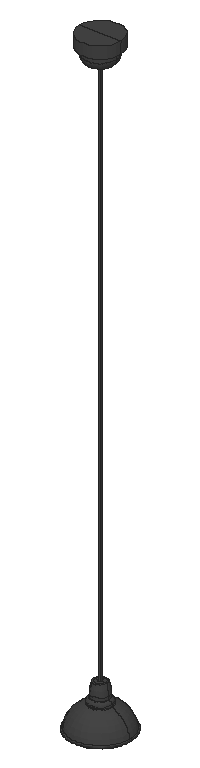
Revit family "BISTRO(8,12,14,16,18) LED", category Lighting Fixtures, Revit 2020
Family settings
  Round Connector Dimension = Use Diameter
  Part Type = Normal
  OmniClass Number = 23.80.70.00
  OmniClass Title = Lighting
  Work Plane-Based = No
  Always vertical = Yes
  Cut with Voids When Loaded = No
  Light Source = Yes
  Shared = No
  Room Calculation Point = No
Parameters (values of type "BB08")
  Weight = "1 lbs"
  Wattage Comments = "9W"
  Wattage = 0.68 W
  Warranty = "5 year limited warranty"  # constant formula
  built-in parameter 1150110 = 1 (stored number, unit not read)
  Voltage = 277 V
  URL = "https://www.anplighting.com/assets/Uploads/product-attachments/specification-sheets/ANP-Specification-Sheet-RLM-LED-BB08.pdf"
  built-in parameter 1114217 = 1 (stored number, unit not read)
  Tilt Angle = 90.00°
  built-in parameter 1150109 = 1 (stored number, unit not read)
  built-in parameter 1150134 = 12
  built-in parameter 1150113 = 1 (stored number, unit not read)
  Mounting Option [instance] = 1
  Power Factor = 1
  Post Mount [instance] = Mounting Option = 5  # no
  Placement X axis side [instance] = if(Post Mount, 2' 2 15/32", if(Cord or Stem Mount, 0' 0", if(E36 20 inch, 1' 8 1/4", if(E 6 26 inch, 2' 2", if(E7 41 inch, 3' 5 1/4", 0' 1")))))  # 0' - 0"
  Photometric Web File = "BB14-100GLCL-32WPL.ies"
  Model = "BB 08"
  Manufacturer = "ANP Lighting"  # constant formula
  built-in parameter 1150105 = 127.85 (stored number, unit not read)
  Lumens = 850 lm
  built-in parameter 1150115 = 1 (stored number, unit not read)
  Load Classification = Lighting
  Light Source Height [instance] = 0' - 3"
  built-in parameter 1150137 = (empty or 0)
  built-in parameter 1150139 = (empty or 0)
  Light Elevation _2 [instance] = if(Post Mount, 0' 0.66142", if(E7 41 inch, 0' 0.66142", if(E36 20 inch, 0' 1.65748", if(E 6 26 inch, 0' 1.53543", if(Cord or Stem Mount, (0' 4.3622" + Cord Length), 0' 0")))))  # 6' - 4.3622"
  Light Elevation _1 [instance] = if(Post Mount, 0' 0", if(E7 41 inch, 0' 0", if(E36 20 inch, 0' 1", if(E 6 26 inch, 0' 0.87402", if(Cord or Stem Mount, (0' 3.66142" + Cord Length), 0' 0")))))  # 6' - 3.66142"
  Light Elevation [instance] = if(Post Mount, 14' 0.5315", if(E7 41 inch, 0' 0", 0' 0"))  # 0' - 0"
  Life = "L70 50,000 hours"  # constant formula
  built-in parameter 1150112 = 1 (stored number, unit not read)
  built-in parameter 1150114 = 1 (stored number, unit not read)
  Lamp = "LED"
  built-in parameter 1150132 = 2
  built-in parameter 1150102 = (empty or 0)
  built-in parameter 1150107 = 4000 (stored number, unit not read)
  built-in parameter 1150138 = (empty or 0)
  built-in parameter 1150106 = 1.2785 (stored number, unit not read)
  Fixture Height = 0' - 5 3/4"
  Fixture Diameter = 0' - 8 1/8"
  Efficiency = "65-125 lumens per watt"  # constant formula
  built-in parameter 1150104 = 116.13 (stored number, unit not read)
  E7 41 inch [instance] = Mounting Option = 4  # no
  E36 20 inch [instance] = Mounting Option = 3  # no
  E 6 26 inch [instance] = Mounting Option = 2  # no
  Dimming Lamp Color Temperature Shift = <None>
  Dimming = "1%"  # constant formula
  Description = "120-277 Voltage"  # constant formula
  Default Elevation = 0' - 0"
  Cord or Stem Mount [instance] = Mounting Option = 1  # yes
  Cord Length option [instance] = 0
  Cord Length [instance] = if([2' Cord], 2' 0", if([4' Cord], 4' 0", if([8' Cord], 8' 0", if([10' Cord], 10' 0", if([6' Cord], 6' 0", 6' 0")))))  # 6' - 0"
  Construction Material = "Heavy Duty spun aluminum."  # constant formula
  Color Filter = 16777215
  CRI = ">90"  # constant formula
  Body Material = body
  Body Colour = "Spun aluminium"  # constant formula
  built-in parameter 1114218 = 1 (stored number, unit not read)
  BB18 = no
  BB16 = no
  BB14 = no
  BB12 = no
  BB08 = yes
  built-in parameter 1150133 = 10 (stored number, unit not read)
  Apparent Load = 9 VA
  8' Cord [instance] = Cord Length option = 8  # no
  6' Cord [instance] = Cord Length option = 6  # no
  4' Cord [instance] = Cord Length option = 4  # no
  2' Cord [instance] = Cord Length option = 2  # no
  10' Cord [instance] = Cord Length option = 10  # no
Types (6): name | Weight | Wattage Comments | Wattage | URL | Model | built-in parameter 1150105 | Lumens | Light Source Height | built-in parameter 1150106 | Fixture Height | Fixture Diameter | BB18 | BB16 | BB14 | BB12 | BB08 | Apparent Load
  (no name) | "1 lbs" | "9W" | 0.68 W | "https://www.anplighting.com/assets/Uploads/product-attachments/specification-sheets/ANP-Specification-Sheet-RLM-LED-BB08.pdf" | "BB 08" | 127.85 (stored number, unit not read) | 850 lm | 0' - 3" | 1.2785 (stored number, unit not read) | 0' - 5 3/4" | 0' - 8 1/8" | no | no | no | no | yes | 9 VA
  BB08 | "1 lbs" | "9W" | 0.68 W | "https://www.anplighting.com/assets/Uploads/product-attachments/specification-sheets/ANP-Specification-Sheet-RLM-LED-BB08.pdf" | "BB 08" | 127.85 (stored number, unit not read) | 850 lm | 0' - 3" | 1.2785 (stored number, unit not read) | 0' - 5 3/4" | 0' - 8 1/8" | no | no | no | no | yes | 9 VA
  BB12 | "1.5 lbs" | "16W" | 1.6 W | "https://www.anplighting.com/assets/Uploads/product-attachments/specification-sheets/ANP-Specification-Sheet-RLM-LED-BB12.pdf" | "BB 12" | 300.83 (stored number, unit not read) | 2000 lm | 0' - 6" | 3.0083 (stored number, unit not read) | 0' - 8 1/2" | 1' - 0" | no | no | no | yes | no | 16 VA
  BB14 | "1.5 lbs" | "16W" | 1.6 W | "https://www.anplighting.com/assets/Uploads/product-attachments/specification-sheets/ANP-Specification-Sheet-RLM-LED-BB14.pdf" | "BB 14" | 300.83 (stored number, unit not read) | 2000 lm | 0' - 6" | 3.0083 (stored number, unit not read) | 0' - 9 7/8" | 1' - 2" | no | no | yes | no | no | 16 VA
  BB16 | "1.5 lbs" | "16W" | 1.6 W | "https://www.anplighting.com/assets/Uploads/product-attachments/specification-sheets/ANP-Specification-Sheet-RLM-LED-BB16.pdf" | "BB 16" | 300.83 (stored number, unit not read) | 2000 lm | 0' - 8" | 3.0083 (stored number, unit not read) | 0' - 10" | 1' - 4" | no | yes | no | no | no | 16 VA
  BB18 | "2.5 lbs" | "16W" | 1.6 W | "https://www.anplighting.com/assets/Uploads/product-attachments/specification-sheets/ANP-Specification-Sheet-RLM-LED-BB18.pdf" | "BB 18" | 300.83 (stored number, unit not read) | 2000 lm | 0' - 8" | 3.0083 (stored number, unit not read) | 0' - 11 1/8" | 1' - 6" | yes | no | no | no | no | 16 VA
Reference planes (in)
  plane 1 "Light Source Axis (F/B)": y = 0
  plane 2: z = 0
  plane 3 "Light Source Axis (L/R)": x = 0
  plane 4 "Light Source Elevation": z = 0
  plane 5: z = 0
  plane 6: x = 0
  plane 7 "Bulb Position": z = -76.3622
  plane 8 "Canopy Position": z = -75.66142
  plane 9 "IES": z = -79.3622
Dimensions and locks (in)
  "Light Elevation": plane 5 to plane 2
  "Placement X axis side": plane 6 to plane 3 "Light Source Axis (L/R)"
  "Light Elevation _2": plane 5 to plane 7 "Bulb Position"
  "Light Elevation _1": plane 5 to plane 8 "Canopy Position"
  "Light Source Height": plane 7 "Bulb Position" to plane 9 "IES"
  locked: plane 4 "Light Source Elevation" to plane 2
  aligned and locked: level to plane 2
  aligned and locked: plane 1 "Light Source Axis (F/B)" to nested 5
  aligned and locked: nested 5 to plane 2
  aligned and locked: nested 1 to plane 3 "Light Source Axis (L/R)"
  aligned and locked: plane 3 "Light Source Axis (L/R)" to nested 2
  aligned and locked: plane 3 "Light Source Axis (L/R)" to nested 4
  aligned and locked: nested 3 to plane 5
  aligned and locked: plane 3 "Light Source Axis (L/R)" to nested 3
  aligned and locked: plane 3 "Light Source Axis (L/R)" to nested 5
  aligned and locked: plane 1 "Light Source Axis (F/B)" to nested 2
  aligned and locked: plane 1 "Light Source Axis (F/B)" to nested 1
  aligned and locked: plane 1 "Light Source Axis (F/B)" to nested 4
  aligned and locked: plane 1 "Light Source Axis (F/B)" to nested 3
  aligned and locked: plane 2 to nested 1
  aligned and locked: plane 2 to nested 2
  aligned and locked: nested 4 to plane 2
  aligned and locked: imposter light to plane 9 "IES"
  aligned and locked: imposter light to plane 6
  aligned and locked: nested 6 to plane 8 "Canopy Position"
  aligned and locked: nested 6 to plane 6
  aligned and locked: plane 8 "Canopy Position" to nested 7
  aligned and locked: nested 7 to plane 3 "Light Source Axis (L/R)"
  aligned and locked: nested 8 to plane 8 "Canopy Position"
  aligned and locked: nested 8 to plane 6
  aligned and locked: nested 9 to plane 8 "Canopy Position"
  aligned and locked: nested 9 to plane 6
  aligned and locked: nested 10 to plane 8 "Canopy Position"
  aligned and locked: nested 10 to plane 3 "Light Source Axis (L/R)"
Nested families (in)
  nested 1: "CORD OR STEM MOUNT" at (0, 0, -75.67), visible <- "Cord or Stem Mount", Cord or Stem Mount <- "Cord or Stem Mount", Body Material <- "Body Material", Light Elevation <- "Light Elevation", Cord Length <- "Cord Length", 10' Cord <- "10' Cord", 2' Cord <- "2' Cord", 4' Cord <- "4' Cord", 6' Cord <- "6' Cord", 8' Cord <- "8' Cord", type "CORD OR STEM MOUNT"
    with Light Elevation 0' - 0", Cord or Stem Mount yes, Cord Length 6' - 0", Body Material body, 8' Cord no, 6' Cord no, 4' Cord no, 2' Cord no, 10' Cord no
  nested 2: "E6 26 INCH" at (0, 0, 0), visible <- "E 6 26 inch", Chain Length <- "Cord Length", E 6 26 inch <- "E 6 26 inch", Placement X axis side <- "Placement X axis side", Body Material <- "Body Material", Light Elevation <- "Light Elevation", type "E6 26 INCH"
    with Placement X axis side 0' - 0", Light Elevation 0' - 0", E 6 26 inch no, Chain Length 6' - 0", Body Material body
  nested 3: "E7 41 INCH" at (0, 0, 0), Chain Length <- "Cord Length", visible <- "E7 41 inch", E7 41 inch <- "E7 41 inch", Placement X axis side <- "Placement X axis side", Body Material <- "Body Material", Light Elevation <- "Light Elevation", type "E7 41 INCH"
    with Placement X axis side 0' - 0", Light Elevation 0' - 0", E7 41 inch no, Chain Length 6' - 0", Body Material body
  nested 4: "E36 20 INCH" at (0, 0, 0), visible <- "E36 20 inch", E36 20 inch <- "E36 20 inch", Placement X axis side <- "Placement X axis side", Chain Length <- "Cord Length", Body Material <- "Body Material", Light Elevation <- "Light Elevation", type "E36 20 INCH"
    with Placement X axis side 0' - 0", Light Elevation 0' - 0", E36 20 inch no, Chain Length 6' - 0", Body Material body
  nested 5: "POST MOUNT" at (0, 0, 0), visible <- "Post Mount", Post Mount <- "Post Mount", Placement X axis side <- "Placement X axis side", Chain Length <- "Cord Length", Body Material <- "Body Material", Light Elevation <- "Light Elevation", type "POST MOUNT"
    with Post Mount no, Placement X axis side 0' - 0", Light Elevation 0' - 0", Chain Length 6' - 0", Body Material body
  nested 6: "BB08" at (0, 0, -75.66142), Light Elevation <- "Light Elevation", Body Material <- "Body Material", BB08 <- "BB08", visible <- "BB08", type "BB08"
    with Light Elevation 0' - 0", Body Material body, BB08 yes
  nested 7: "BB12" at (0, 0, -75.72392), visible <- "BB12", Body <- "Body Material", type "BB12"
    with Body body, Light Elevation 0' - 0", BB12 no
  nested 8: "BB14" at (0, 0, -75.72392), visible <- "BB14", Body <- "Body Material", BB14 <- "BB14", type "BB14"
    with Light Elevation 0' - 0 1/16", Body body, BB14 no
  nested 9: "BB16" at (0, 0, -75.66142), Light Elevation <- "Light Elevation", visible <- "BB16", BB16 <- "BB16", Body <- "Body Material", type "BB16"
    with Light Elevation 0' - 0", Body body, BB16 no
  nested 10: "BB18" at (0, 0, -75.66142), Light Elevation <- "Light Elevation", visible <- "BB18", BB18 <- "BB18", Body <- "Body Material", type "BB18"
    with Light Elevation 0' - 0", Body body, BB18 no
Definition of nested family "CORD OR STEM MOUNT"
  Parameters (values of type "CORD OR STEM MOUNT")
    URL = ""
    Model = ""
    Manufacturer = ""
    Light Elevation [instance] = 1' - 7.69"
    Default Elevation = 0' - 0"
    Cord or Stem Mount [instance] = yes
    Cord Length [instance] = 6' - 0"
    Body Material [instance] = none
    8' Cord [instance] = no
    6' Cord [instance] = no
    4' Cord [instance] = no
    2' Cord [instance] = no
    10' Cord [instance] = no
  Reference planes (in)
    plane 1 "Light Source Axis (F/B)": y = 0
    plane 2: z = 0
    plane 3 "Light Source Axis (L/R)": x = 0
    plane 4 "Light Source Elevation": z = 23.125
    plane 5: z = 91.69
    plane 6: z = 19.69
  Forms (in)
    Extrusion 1, void, not visible
      sketch origin (0, 0, 2.38154) x (1, 0, 0) y (0, 0, 1)
        loop
          circle (0, 4.59925) r 0.16583
      from 1.18594 to 1.75
    Extrusion 2, void, not visible
      sketch origin (0, 0, 2.38154) x (0.707107, -0.707107, 0) y (0, 0, 1)
        loop
          circle (0, 4.59925) r 0.16583
      from 1.18594 to 1.75
    Extrusion 3, void, not visible
      sketch origin (0, 0, 2.38154) x (0.707107, 0.707107, 0) y (0, 0, 1)
        loop
          circle (0, 4.59925) r 0.16583
      from 1.18594 to 1.75
    Extrusion 4, void, not visible
      sketch origin (0, 0, 2.38154) x (0, 1, 0) y (0, 0, 1)
        loop
          circle (0, 4.59925) r 0.16583
      from 1.18594 to 1.75
    Extrusion 5, void, not visible
      sketch origin (0, 0, 2.38154) x (-0.707107, 0.707107, 0) y (0, 0, 1)
        loop
          circle (0, 4.59925) r 0.16583
      from 1.18594 to 1.75
    Extrusion 6, void, not visible
      sketch origin (0, 0, 2.38154) x (-1, 0, 0) y (0, 0, 1)
        loop
          circle (0, 4.59925) r 0.20678
      from 1.18594 to 1.75
    Extrusion 7, void, not visible
      sketch origin (0, 0, 2.38154) x (-0.707107, -0.707107, 0) y (0, 0, 1)
        loop
          circle (0, 4.59925) r 0.16583
      from 1.18594 to 1.75
    Extrusion 8, void, not visible
      sketch origin (0, 0, 2.38154) x (0, -1, 0) y (0, 0, 1)
        loop
          circle (0, 4.59925) r 0.16583
      from 1.18594 to 1.75
    Revolve 9, solid, material <- "Body Material", visible <- "Cord or Stem Mount"
      sketch origin (0, 0, 174.56698) x (1, 0, 0) y (0, 0, 1)
        loop
          line (2.6875, -79.20698) -> (0, -79.20698) -> (0, -82.87698) -> (0.125, -82.87698) -> (0.125, -82.83698) -> (0.75, -82.83698)
          arc (0.75, -82.83698) -> (0.81694, -82.77004) -> (0.75, -82.7031) r 0.06694
          line (0.75, -82.7031) -> (0.89763, -82.7031) -> (1.00223, -82.5985) -> (1.06587, -82.5985)
          arc (1.06587, -82.5985) -> (1.80099, -82.29401) -> (2.10549, -81.55888) r 1.03962
          line (2.10549, -81.55888) -> (2.10549, -81.03899)
          arc (2.10549, -81.03899) -> (2.12951, -80.981) -> (2.1875, -80.95698) r 0.08201
          line (2.1875, -80.95698) -> (2.1875, -80.70698) -> (2.6875, -80.70698) -> (2.6875, -79.20698)
        axis (0, -79.20698) -> (0, -82.87698)
      angle from 0 to 360
    Revolve 10, solid, material <- "Body Material", visible <- "Cord or Stem Mount"
      sketch origin (0, 0, 0) x (1, 0, 0) y (0, 0, 1)
        loop
          line (0, 91.69) -> (-0.125, 91.69) -> (-0.125, 19.69) -> (0, 19.69) -> (0, 91.69)
        axis (0, 19.69) -> (0, 91.69)
      angle from 0 to 360
  Dimensions and locks (in)
    "Light Elevation": plane 6 to plane 2
    "Cord Length": plane 5 to plane 6
    locked: Revolve 10 sketch curve to Revolve 10 sketch curve at 0.125
    aligned and locked: level to plane 2
    aligned and locked: Revolve 10 sketch curve to plane 3 "Light Source Axis (L/R)"
    aligned and locked: Revolve 10 sketch curve to plane 6
    aligned and locked: Revolve 10 sketch curve to plane 5
    aligned and locked: plane 3 "Light Source Axis (L/R)" to Revolve 10 sketch curve
  Automatic sketch dimensions
    Revolve 9 sketch curve to plane 3 "Light Source Axis (L/R)" = 0' - 0"  (x2)
    Revolve 9 sketch curve to plane 5 = 0' - 0"
    plane 3 "Light Source Axis (L/R)" to Revolve 9 sketch curve = 0' - 0 1/8"
    Revolve 9 sketch curve to plane 5 = 0' - 0.17388"
    Revolve 9 sketch curve to Revolve 9 sketch curve = 0' - 0 5/8"
    Revolve 9 sketch curve to Revolve 9 sketch curve = 0' - 0.14763"
    Revolve 9 sketch curve to plane 5 = 0' - 0.27847"
    Revolve 9 sketch curve to Revolve 9 sketch curve = 0' - 0.1046"
    Revolve 9 sketch curve to Revolve 9 sketch curve = 0' - 0.06364"
    Revolve 9 sketch curve to Revolve 9 sketch curve = 0' - 1.03962"
    Revolve 9 sketch curve to Revolve 9 sketch curve = 0' - 0 21/256"
    Revolve 9 sketch curve to Revolve 9 sketch curve = 0' - 0 1/2"  (x2)
    Revolve 9 sketch curve to Revolve 9 sketch curve = 0' - 0.51989"
    Revolve 9 sketch curve to Revolve 9 sketch curve = 0' - 0 1/4"
    Revolve 9 sketch curve to Revolve 9 sketch curve = 0' - 2.3519"
    Revolve 9 sketch curve to Revolve 9 sketch curve = 0' - 1 1/4"
    Revolve 9 sketch curve to Revolve 9 sketch curve = 0' - 0.04"
    Revolve 10 sketch curve to Revolve 10 sketch curve = 0' - 0 1/2"
    Revolve 10 sketch curve to Revolve 10 sketch curve = 0' - 0.42345"
Definition of nested family "BB08"
  Parameters (values of type "BB08")
    Light Elevation [instance] = 4' - 0"
    Default Elevation = 0' - 0"
    Body Material [instance] = none
    BB08 [instance] = yes
  Reference planes (in)
    plane 1 "Center (Front/Back)": y = 0
    plane 2: z = 0
    plane 3 "Center (Left/Right)": x = 0
    plane 4: z = 48
  Dimensions and locks (in)
    "Light Elevation": plane 4 to plane 2
    aligned and locked: plane 2 to level
    aligned and locked: plane 3 "Center (Left/Right)" to nested 1
    aligned and locked: plane 1 "Center (Front/Back)" to nested 1
    aligned and locked: nested 1 to plane 4
  Nested families (in)
    nested 1: "BB08" at (0, 0, 39.16409), visible <- "BB08", BB08 <- "Body Material", Light Elevation <- "Light Elevation", type "BB08"
      with Light Elevation 4' - 0"
  Definition of nested family "BB08"
    Parameters (values of type "BB08")
      Light Elevation [instance] = 4' - 0"
      Default Elevation = 0' - 0"
      BB08 [instance] = none
    Reference planes (in)
      plane 1 "Center (Front/Back)": y = 0
      plane 2: z = 0
      plane 3 "Center (Left/Right)": x = 0
      plane 4: z = 48
    Forms (in)
      Revolve 1, solid, material <- "BB08"
        sketch origin (0, 0, 0) x (1, 0, 0) y (0, 0, 1)
          loop
            arc (-3.87733, 3.26014) -> (-3.96644, 3.22969) -> (-3.92857, 3.31591) r 0.05143
            line (-3.92857, 3.31591) -> (-3.92857, 3.39591)
            arc (-3.92857, 3.39591) -> (-4.03626, 3.18914) -> (-3.8051, 3.21945) r 0.13143
            line (-3.8051, 3.21945) -> (-3.78176, 3.38466)
            arc (-3.78176, 3.38466) -> (-3.02479, 5.10246) -> (-1.48389, 6.17459) r 3.46974
            arc (-1.48389, 6.17459) -> (-1.41166, 6.23003) -> (-1.38429, 6.31687) r 0.15143
            line (-1.38429, 6.31687) -> (-1.38429, 6.46284)
            arc (-1.38429, 6.46284) -> (-1.30744, 6.71439) -> (-1.11119, 6.8895) r 0.48795
            arc (-1.11119, 6.8895) -> (-1.04998, 6.94432) -> (-1.02642, 7.02304) r 0.15143
            line (-1.02642, 7.02304) -> (-1.02025, 7.40479)
            arc (-1.02025, 7.40479) -> (-0.94526, 8.08044) -> (-0.77141, 8.73763) r 4.59473
            arc (-0.77141, 8.73763) -> (-0.7615, 8.75087) -> (-0.74575, 8.75591) r 0.02714
            line (-0.74575, 8.75591) -> (-0.25, 8.75591) -> (-0.25, 8.83591) -> (-0.74575, 8.83591)
            arc (-0.74575, 8.83591) -> (-0.80792, 8.81603) -> (-0.84702, 8.76376) r 0.10714
            arc (-0.84702, 8.76376) -> (-1.02398, 8.09472) -> (-1.10022, 7.40689) r 4.67473
            line (-1.10022, 7.40689) -> (-1.10641, 7.02433)
            arc (-1.10641, 7.02433) -> (-1.11752, 6.9872) -> (-1.14639, 6.96134) r 0.07143
            arc (-1.14639, 6.96134) -> (-1.37509, 6.7571) -> (-1.46429, 6.46375) r 0.56795
            line (-1.46429, 6.46375) -> (-1.46429, 6.31687)
            arc (-1.46429, 6.31687) -> (-1.47795, 6.27485) -> (-1.51372, 6.24891) r 0.07143
            arc (-1.51372, 6.24891) -> (-3.13066, 5.09864) -> (-3.87733, 3.26014) r 3.54892
          axis (0, 8.83591) -> (0, 3.21945)
        angle from 0 to 360
    Dimensions and locks (in)
      "Light Elevation": plane 4 to plane 2
      aligned and locked: plane 2 to level
    Automatic sketch dimensions
      Revolve 1 sketch curve to Revolve 1 sketch curve = 0' - 0"  (x12)
      Revolve 1 sketch curve to plane 3 "Center (Left/Right)" = 0' - 0"
      Revolve 1 sketch curve to plane 3 "Center (Left/Right)" = 0' - 0 1/4"
      Revolve 1 sketch curve to plane 3 "Center (Left/Right)" = 0' - 0.34652"
      Revolve 1 sketch curve to Revolve 1 sketch curve = 0' - 0.00049"
      Revolve 1 sketch curve to Revolve 1 sketch curve = 0' - 0.49575"
      Revolve 1 sketch curve to plane 3 "Center (Left/Right)" = 0' - 0.89647"
      Revolve 1 sketch curve to Revolve 1 sketch curve = 0' - 0.12378"
      Revolve 1 sketch curve to Revolve 1 sketch curve = 0' - 0.00617"
      Revolve 1 sketch curve to Revolve 1 sketch curve = 0' - 0.07998"
      Revolve 1 sketch curve to Revolve 1 sketch curve = 0' - 0.07999"
      Revolve 1 sketch curve to Revolve 1 sketch curve = 0' - 0.07142"
      Revolve 1 sketch curve to Revolve 1 sketch curve = 0' - 0.48782"
      Revolve 1 sketch curve to Revolve 1 sketch curve = 0' - 0.08"  (x2)
      Revolve 1 sketch curve to Revolve 1 sketch curve = 0' - 0.07143"
      Revolve 1 sketch curve to Revolve 1 sketch curve = 0' - 3.43475"
      Revolve 1 sketch curve to Revolve 1 sketch curve = 0' - 0.02334"
      Revolve 1 sketch curve to Revolve 1 sketch curve = 0' - 0.14681"
      plane 3 "Center (Left/Right)" to Revolve 1 sketch curve = 0' - 3.57142"
      level to Revolve 1 sketch curve = 0' - 2.89656"
      Revolve 1 sketch curve to Revolve 1 sketch curve = 0' - 0.0007"
      level to Revolve 1 sketch curve = 0' - 3.21945"
      Revolve 1 sketch curve to Revolve 1 sketch curve = 0' - 0.04504"
      Revolve 1 sketch curve to Revolve 1 sketch curve = 0' - 0.05143"
      Revolve 1 sketch curve to Revolve 1 sketch curve = 0' - 0.01125"
      Revolve 1 sketch curve to Revolve 1 sketch curve = 0' - 3.41961"
      Revolve 1 sketch curve to Revolve 1 sketch curve = 0' - 0.13446"
      Revolve 1 sketch curve to Revolve 1 sketch curve = 0' - 0.14597"
      Revolve 1 sketch curve to Revolve 1 sketch curve = 0' - 0.00091"
      Revolve 1 sketch curve to Revolve 1 sketch curve = 0' - 0.5717"
      Revolve 1 sketch curve to Revolve 1 sketch curve = 0' - 0.00129"
      Revolve 1 sketch curve to Revolve 1 sketch curve = 0' - 0.00115"
      Revolve 1 sketch curve to Revolve 1 sketch curve = 0' - 0.78585"
      Revolve 1 sketch curve to Revolve 1 sketch curve = 0' - 0.38176"
      Revolve 1 sketch curve to Revolve 1 sketch curve = 0' - 0.0021"
      Revolve 1 sketch curve to Revolve 1 sketch curve = 0' - 1.32398"
      Revolve 1 sketch curve to Revolve 1 sketch curve = 0' - 0.02714"
      Revolve 1 sketch curve to Revolve 1 sketch curve = 0' - 0.02199"
      Revolve 1 sketch curve to Revolve 1 sketch curve = 0' - 0.70346"
      Revolve 1 sketch curve to Revolve 1 sketch curve = 0' - 0.60719"
Definition of nested family "E6 26 INCH"
  Parameters (values of type "E6 26 INCH")
    URL = ""
    Placement X axis side [instance] = 2' - 2"
    Model = ""
    Manufacturer = ""
    Light Elevation [instance] = 8' - 4"
    E 6 26 inch [instance] = yes
    Default Elevation = 0' - 0"
    Chain Length [instance] = 0' - 0"
    Body Material [instance] = none
  Reference planes (in)
    plane 1 "Light Source Axis (F/B)": y = 0
    plane 2: z = 0
    plane 3 "Light Source Axis (L/R)": x = 0
    plane 4 "Light Source Elevation": z = 23.125
    plane 5: z = 100
    plane 6: x = -26
    plane 7: z = 99.125
    plane 8: x = -24.12
    plane 9: x = -25.5474
  Forms (in)
    Extrusion 1, void, not visible
      sketch origin (0, 0, 2.38154) x (1, 0, 0) y (0, 0, 1)
        loop
          circle (0, 4.59925) r 0.16583
      from 1.18594 to 1.75
    Extrusion 2, void, not visible
      sketch origin (0, 0, 2.38154) x (0.707107, -0.707107, 0) y (0, 0, 1)
        loop
          circle (0, 4.59925) r 0.16583
      from 1.18594 to 1.75
    Extrusion 3, void, not visible
      sketch origin (0, 0, 2.38154) x (0.707107, 0.707107, 0) y (0, 0, 1)
        loop
          circle (0, 4.59925) r 0.16583
      from 1.18594 to 1.75
    Extrusion 4, void, not visible
      sketch origin (0, 0, 2.38154) x (0, 1, 0) y (0, 0, 1)
        loop
          circle (0, 4.59925) r 0.16583
      from 1.18594 to 1.75
    Extrusion 5, void, not visible
      sketch origin (0, 0, 2.38154) x (-0.707107, 0.707107, 0) y (0, 0, 1)
        loop
          circle (0, 4.59925) r 0.16583
      from 1.18594 to 1.75
    Extrusion 6, void, not visible
      sketch origin (0, 0, 2.38154) x (-1, 0, 0) y (0, 0, 1)
        loop
          circle (0, 4.59925) r 0.20678
      from 1.18594 to 1.75
    Extrusion 7, void, not visible
      sketch origin (0, 0, 2.38154) x (-0.707107, -0.707107, 0) y (0, 0, 1)
        loop
          circle (0, 4.59925) r 0.16583
      from 1.18594 to 1.75
    Extrusion 8, void, not visible
      sketch origin (0, 0, 2.38154) x (0, -1, 0) y (0, 0, 1)
        loop
          circle (0, 4.59925) r 0.16583
      from 1.18594 to 1.75
    Sweep 9, solid, material <- "Body Material", visible <- "E 6 26 inch"
      path origin (-41.25, 0, 168.51693) x (1, 0, 0) y (0, 0, 1)
        loop
          line (17.13, -68.51693) -> (27.68551, -68.51693)
          arc (27.68551, -68.51693) -> (28.47996, -68.34486) -> (29.13202, -67.8595) r 1.92004
          line (29.13202, -67.8595) -> (34.23651, -62.01155)
          arc (34.23651, -62.01155) -> (38.65464, -60.89667) -> (41.25, -64.64193) r 4
          line (41.25, -64.64193) -> (41.25, -69.39193)
      profile origin (-18.84224, 0, 100) x (0, 0, 1) y (0, -1, 0)
        loop
          circle (0, 0) r 0.5
    Revolve 10, solid, material <- "Body Material", visible <- "E 6 26 inch"
      sketch origin (-26, 0, 168.51693) x (1, 0, 0) y (0, 0, 1)
        loop
          line (0, -66.07943) -> (0, -68.51693) -> (1.88, -68.51693) -> (1.88, -67.69272) -> (0.4526, -67.69272) -> (0.4526, -66.54122) -> (0.33125, -66.54122) -> (0.33125, -66.07943) -> (0, -66.07943)
        axis (0, -68.51693) -> (1.88, -68.51693)
      angle from 0 to 360
    Extrusion 11, solid, material <- "Body Material", visible <- "E 6 26 inch"
      sketch origin (-26, 0, 168.51693) x (0, -1, 0) y (0, 0, -1)
        loop
          line (0.25, 68.51693) -> (0.25, 69.51693) -> (-0.25, 69.51693) -> (-0.25, 68.51693) -> (0.25, 68.51693)
      from 0.4526 to 1.88
  Cuts and joins
    joined: Revolve 10, Extrusion 11
  Dimensions and locks (in)
    "Light Elevation": plane 5 to plane 2
    "Placement X axis side": plane 3 "Light Source Axis (L/R)" to plane 6
    locked: plane 5 to plane 7 at 0.875
    Revolve 10 sketch curve to Revolve 10 sketch curve to Revolve 10 sketch curve to plane 6 = 0' - 1.4274" locked, 0' - 0.12135" locked, 0' - 0.33125" locked
    Revolve 10 sketch curve to Revolve 10 sketch curve to Revolve 10 sketch curve to plane 5 = 0' - 0.46179" locked, 0' - 1.1515" locked, 0' - 0 211/256" locked
    locked: Sweep 9 sketch curve to plane 6 at 1.88
    locked: Sweep 9 sketch curve to Sweep 9 sketch curve at 10.55551
    locked: Sweep 9 sketch curve to Sweep 9 sketch curve at 13.56449
    locked: Sweep 9 sketch curve to Sweep 9 sketch curve at 4.75
    locked: plane 9 to plane 6 at 0.4526
    locked: plane 8 to plane 9 at 1.4274
    aligned and locked: level to plane 2
    aligned and locked: Revolve 10 sketch curve to plane 6
    aligned and locked: plane 5 to Revolve 10 sketch curve
    aligned and locked: Revolve 10 sketch curve to plane 5
    aligned and locked: cut or joined group of Revolve 10, Extrusion 11 to plane 9
    aligned and locked: plane 8 to cut or joined group of Revolve 10, Extrusion 11
  Automatic sketch dimensions
    Sweep 9 sketch curve to plane 5 = 0' - 0"
    Sweep 9 sketch curve to Sweep 9 sketch curve = 0' - 4"
    Sweep 9 sketch curve to Sweep 9 sketch curve = 0' - 3.01349"
    plane 5 to Sweep 9 sketch curve = 0' - 0.65743"
    Sweep 9 sketch curve to Sweep 9 sketch curve = 0' - 1.4465"
    Sweep 9 sketch curve to plane 5 = 0' - 0 7/8"
    profile plane to Sweep 9 sketch curve = 0' - 0"
    Sweep 9 sketch curve to profile plane = 0' - 0"
    plane 6 to Revolve 10 sketch curve = 0' - 0.62562"
    Revolve 10 sketch curve to Revolve 10 sketch curve = 0' - 0 1/2"
    Extrusion 11 sketch curve to plane 5 = 0' - 0"
    plane 1 "Light Source Axis (F/B)" to Extrusion 11 sketch curve = 0' - 0 1/4"
    Extrusion 11 sketch curve to plane 1 "Light Source Axis (F/B)" = 0' - 0 1/4"
    plane 5 to Extrusion 11 sketch curve = 0' - 1"
    radius of Sweep 9 sketch curve = 0' - 0 1/2"
Definition of nested family "E7 41 INCH"
  Parameters (values of type "E7 41 INCH")
    URL = ""
    Placement X axis side [instance] = 4' - 2"
    Model = ""
    Manufacturer = ""
    Light Elevation [instance] = 8' - 4"
    E7 41 inch [instance] = yes
    Default Elevation = 0' - 0"
    Chain Length [instance] = 0' - 0"
    Body Material [instance] = none
  Reference planes (in)
    plane 1 "Light Source Axis (F/B)": y = 0
    plane 2: z = 0
    plane 3 "Light Source Axis (L/R)": x = 0
    plane 4 "Light Source Elevation": z = 23.125
    plane 5: z = 100
    plane 6: x = -50
  Forms (in)
    Extrusion 1, void, not visible
      sketch origin (0, 0, 2.38154) x (1, 0, 0) y (0, 0, 1)
        loop
          circle (0, 4.59925) r 0.16583
      from 1.18594 to 1.75
    Extrusion 2, void, not visible
      sketch origin (0, 0, 2.38154) x (0.707107, -0.707107, 0) y (0, 0, 1)
        loop
          circle (0, 4.59925) r 0.16583
      from 1.18594 to 1.75
    Extrusion 3, void, not visible
      sketch origin (0, 0, 2.38154) x (0.707107, 0.707107, 0) y (0, 0, 1)
        loop
          circle (0, 4.59925) r 0.16583
      from 1.18594 to 1.75
    Extrusion 4, void, not visible
      sketch origin (0, 0, 2.38154) x (0, 1, 0) y (0, 0, 1)
        loop
          circle (0, 4.59925) r 0.16583
      from 1.18594 to 1.75
    Extrusion 5, void, not visible
      sketch origin (0, 0, 2.38154) x (-0.707107, 0.707107, 0) y (0, 0, 1)
        loop
          circle (0, 4.59925) r 0.16583
      from 1.18594 to 1.75
    Extrusion 6, void, not visible
      sketch origin (0, 0, 2.38154) x (-1, 0, 0) y (0, 0, 1)
        loop
          circle (0, 4.59925) r 0.20678
      from 1.18594 to 1.75
    Extrusion 7, void, not visible
      sketch origin (0, 0, 2.38154) x (-0.707107, -0.707107, 0) y (0, 0, 1)
        loop
          circle (0, 4.59925) r 0.16583
      from 1.18594 to 1.75
    Extrusion 8, void, not visible
      sketch origin (0, 0, 2.38154) x (0, -1, 0) y (0, 0, 1)
        loop
          circle (0, 4.59925) r 0.16583
      from 1.18594 to 1.75
    Revolve 9, solid, material <- "Body Material", visible <- "E7 41 inch"
      sketch origin (-41.25, 0, 168.39193) x (1, 0, 0) y (0, 0, 1)
        loop
          line (-8.75, -66.20443) -> (-8.75, -68.51693) -> (-6.87, -68.51693) -> (-6.87, -67.69272) -> (-8.2974, -67.69272) -> (-8.2974, -66.54122) -> (-8.41875, -66.54122) -> (-8.41875, -66.20443) -> (-8.75, -66.20443)
        axis (-8.75, -68.51693) -> (-6.87, -68.51693)
      angle from 0 to 360
    Extrusion 10, solid, material <- "Body Material", visible <- "E7 41 inch"
      sketch origin (-41.25, 0, 168.39193) x (0, -1, 0) y (0, 0, -1)
        loop
          line (0.25, 68.51693) -> (0.25, 69.51693) -> (-0.25, 69.51693) -> (-0.25, 68.51693) -> (0.25, 68.51693)
      from -8.2974 to -6.87
    Sweep 11, solid, material <- "Body Material", visible <- "E7 41 inch"
      path origin (-41.25, 0, 168.39193) x (1, 0, 0) y (0, 0, 1)
        loop
          line (-6.87, -68.51693) -> (16.04011, -68.51693)
          arc (16.04011, -68.51693) -> (17.864, -68.13651) -> (19.38375, -67.0587) r 4.5625
          line (19.38375, -67.0587) -> (24.70217, -61.33018)
          arc (24.70217, -61.33018) -> (29.64465, -60.20324) -> (32.5, -64.39193) r 4.5
          line (32.5, -64.39193) -> (32.5, -68.39193)
      profile origin (-36.66494, 0, 99.875) x (0, 0, 1) y (0, -1, 0)
        loop
          circle (0, 0) r 0.5
  Dimensions and locks (in)
    "Placement X axis side": plane 3 "Light Source Axis (L/R)" to plane 6
    "Light Elevation": plane 5 to plane 2
    locked: Revolve 9 sketch curve to Revolve 9 sketch curve at 0.33125
    locked: Revolve 9 sketch curve to Revolve 9 sketch curve at 0.4526
    locked: Revolve 9 sketch curve to Revolve 9 sketch curve at 1.88
    locked: Revolve 9 sketch curve to Revolve 9 sketch curve at 0.82421
    locked: Revolve 9 sketch curve to Revolve 9 sketch curve at 1.1515
    locked: Revolve 9 sketch curve to Revolve 9 sketch curve at 0.33679
    locked: plane 5 to Revolve 9 sketch curve at 0.125
    locked: Extrusion 10 sketch curve to Extrusion 10 sketch curve at 0.5
    locked: Extrusion 10 sketch curve to Extrusion 10 sketch curve at 1
    locked: plane 5 to Extrusion 10 sketch curve at 0.125
    locked: plane 5 to Sweep 11 sketch curve at 0.125
    locked: Sweep 11 sketch curve to Sweep 11 sketch curve at 39.37
    locked: Sweep 11 sketch curve to Sweep 11 sketch curve at 4
    locked: plane 6 to Extrusion 10 at 0.4526
    locked: Sweep 11 sketch curve to plane 6 at 1.88
    locked: Extrusion 10 to Extrusion 10 at 1.4274
    aligned and locked: plane 2 to level
    aligned and locked: Revolve 9 sketch curve to plane 6
  Automatic sketch dimensions
    Revolve 9 sketch curve to plane 5 = 0' - 0 1/8"
    plane 6 to Revolve 9 sketch curve = 0' - 0.62562"
    Revolve 9 sketch curve to Revolve 9 sketch curve = 0' - 0 1/2"
    plane 1 "Light Source Axis (F/B)" to Extrusion 10 sketch curve = 0' - 0 1/4"
    Sweep 11 sketch curve to plane 5 = 0' - 0"
    Sweep 11 sketch curve to Sweep 11 sketch curve = 0' - 4 1/2"
    Sweep 11 sketch curve to Sweep 11 sketch curve = 0' - 3.29783"
    plane 5 to Sweep 11 sketch curve = 0' - 1.33323"
    Sweep 11 sketch curve to Sweep 11 sketch curve = 0' - 5.31842"
    Sweep 11 sketch curve to Sweep 11 sketch curve = 0' - 3.34364"
    profile plane to Sweep 11 sketch curve = 0' - 0"
    Sweep 11 sketch curve to profile plane = 0' - 0"
    radius of Sweep 11 sketch curve = 0' - 0 1/2"
Definition of nested family "E36 20 INCH"
  Parameters (values of type "E36 20 INCH")
    URL = ""
    Placement X axis side [instance] = 1' - 8 1/4"
    Model = ""
    Manufacturer = ""
    Light Elevation [instance] = 8' - 4"
    E36 20 inch [instance] = yes
    Default Elevation = 0' - 0"
    Chain Length [instance] = 0' - 0"
    Body Material [instance] = none
  Reference planes (in)
    plane 1 "Light Source Axis (F/B)": y = 0
    plane 2: z = 0
    plane 3 "Light Source Axis (L/R)": x = 0
    plane 4 "Light Source Elevation": z = 23.125
    plane 5: z = 99
    plane 6: x = -20.25
    plane 7: z = 100
    plane 8: x = -18.37008
    plane 9: x = -19.79724
  Forms (in)
    Extrusion 1, void, not visible
      sketch origin (0, 0, 2.38154) x (1, 0, 0) y (0, 0, 1)
        loop
          circle (0, 4.59925) r 0.16583
      from 1.18594 to 1.75
    Extrusion 2, void, not visible
      sketch origin (0, 0, 2.38154) x (0.707107, -0.707107, 0) y (0, 0, 1)
        loop
          circle (0, 4.59925) r 0.16583
      from 1.18594 to 1.75
    Extrusion 3, void, not visible
      sketch origin (0, 0, 2.38154) x (0.707107, 0.707107, 0) y (0, 0, 1)
        loop
          circle (0, 4.59925) r 0.16583
      from 1.18594 to 1.75
    Extrusion 4, void, not visible
      sketch origin (0, 0, 2.38154) x (0, 1, 0) y (0, 0, 1)
        loop
          circle (0, 4.59925) r 0.16583
      from 1.18594 to 1.75
    Extrusion 5, void, not visible
      sketch origin (0, 0, 2.38154) x (-0.707107, 0.707107, 0) y (0, 0, 1)
        loop
          circle (0, 4.59925) r 0.16583
      from 1.18594 to 1.75
    Extrusion 6, void, not visible
      sketch origin (0, 0, 2.38154) x (-1, 0, 0) y (0, 0, 1)
        loop
          circle (0, 4.59925) r 0.20678
      from 1.18594 to 1.75
    Extrusion 7, void, not visible
      sketch origin (0, 0, 2.38154) x (-0.707107, -0.707107, 0) y (0, 0, 1)
        loop
          circle (0, 4.59925) r 0.16583
      from 1.18594 to 1.75
    Extrusion 8, void, not visible
      sketch origin (0, 0, 2.38154) x (0, -1, 0) y (0, 0, 1)
        loop
          circle (0, 4.59925) r 0.16583
      from 1.18594 to 1.75
    Sweep 9, solid, material <- "Body Material", visible <- "E36 20 inch"
      path origin (-41.25, 0, 169.51693) x (1, 0, 0) y (0, 0, 1)
        loop
          line (22.88, -69.51693) -> (28.93827, -69.51693)
          arc (28.93827, -69.51693) -> (29.97705, -69.28152) -> (30.81284, -68.62128) r 2.40953
          line (30.81284, -68.62128) -> (34.13807, -64.50378)
          arc (34.13807, -64.50378) -> (38.58272, -63.24548) -> (41.25, -67.01693) r 4
          line (41.25, -67.01693) -> (41.25, -70.51693)
      profile origin (-15.34086, 0, 100) x (0, 0, 1) y (0, -1, 0)
        loop
          circle (0, 0) r 0.5
    Revolve 10, solid, material <- "Body Material", visible <- "E36 20 inch"
      sketch origin (-20.25, 0, 169.51693) x (1, 0, 0) y (0, 0, 1)
        loop
          line (0, -67.20443) -> (0, -69.51693) -> (1.88, -69.51693) -> (1.88, -68.69272) -> (0.4526, -68.69272) -> (0.4526, -67.54122) -> (0.33125, -67.54122) -> (0.33125, -67.20443) -> (0, -67.20443)
        axis (0, -69.51693) -> (1.88, -69.51693)
      angle from 0 to 360
    Extrusion 11, solid, material <- "Body Material", visible <- "E36 20 inch"
      sketch origin (-20.25, 0, 169.51693) x (0, -1, 0) y (0, 0, -1)
        loop
          line (0.25, 69.51693) -> (0.25, 70.51693) -> (-0.25, 70.51693) -> (-0.25, 69.51693) -> (0.25, 69.51693)
      from 1.87992 to 0.45276
  Cuts and joins
    joined: Revolve 10, Extrusion 11
  Dimensions and locks (in)
    "Light Elevation": plane 7 to plane 2
    "Placement X axis side": plane 3 "Light Source Axis (L/R)" to plane 6
    locked: plane 7 to plane 5 at 1
    Revolve 10 sketch curve to Revolve 10 sketch curve to Revolve 10 sketch curve to plane 7 = 0' - 0.33679" locked, 0' - 1.1515" locked, 0' - 0 211/256" locked
    locked: Sweep 9 sketch curve to plane 6 at 1.88
    locked: Sweep 9 sketch curve to Sweep 9 sketch curve at 6.05827
    locked: Sweep 9 sketch curve to Sweep 9 sketch curve at 12.31173
    locked: Sweep 9 sketch curve to Sweep 9 sketch curve at 3.5
    Revolve 10 sketch curve to Revolve 10 sketch curve to Revolve 10 sketch curve to plane 6 = 0' - 1.4274" locked, 0' - 0.12135" locked, 0' - 0.33125" locked
    locked: plane 9 to plane 6 at 0.45276
    locked: plane 8 to plane 9 at 1.42717
    aligned and locked: level to plane 2
    aligned and locked: plane 7 to Revolve 10 sketch curve
    aligned and locked: Revolve 10 sketch curve to plane 7
    aligned and locked: Revolve 10 sketch curve to plane 6
    aligned and locked: cut or joined group of Revolve 10, Extrusion 11 to plane 9
    aligned and locked: plane 8 to cut or joined group of Revolve 10, Extrusion 11
  Automatic sketch dimensions
    Sweep 9 sketch curve to plane 7 = 0' - 0"
    Sweep 9 sketch curve to plane 5 = 0' - 0"
    Sweep 9 sketch curve to Sweep 9 sketch curve = 0' - 4"
    Sweep 9 sketch curve to plane 7 = 0' - 0.89565"
    Sweep 9 sketch curve to Sweep 9 sketch curve = 0' - 3.32523"
    Sweep 9 sketch curve to Sweep 9 sketch curve = 0' - 1.87457"
    profile plane to Sweep 9 sketch curve = 0' - 0"
    Sweep 9 sketch curve to profile plane = 0' - 0"
    plane 6 to Revolve 10 sketch curve = 0' - 0.62562"
    Revolve 10 sketch curve to Revolve 10 sketch curve = 0' - 0 1/2"
    plane 7 to Extrusion 11 sketch curve = 0' - 0"
    Extrusion 11 sketch curve to plane 5 = 0' - 0"
    plane 1 "Light Source Axis (F/B)" to Extrusion 11 sketch curve = 0' - 0 1/4"
    Extrusion 11 sketch curve to plane 1 "Light Source Axis (F/B)" = 0' - 0 1/4"
    radius of Sweep 9 sketch curve = 0' - 0 1/2"
Definition of nested family "POST MOUNT"
  Parameters (values of type "POST MOUNT")
    URL = ""
    Post Mount [instance] = yes
    Placement X axis side [instance] = 2' - 2 1/2"
    Model = ""
    Manufacturer = ""
    Light Elevation [instance] = 14' - 0.5168"
    Default Elevation = 0' - 0"
    Chain Length [instance] = 0' - 0"
    Body Material [instance] = none
  Reference planes (in)
    plane 1 "Light Source Axis (F/B)": y = 0
    plane 2: z = 0
    plane 3 "Light Source Axis (L/R)": x = 0
    plane 4 "Light Source Elevation": z = 23.125
    plane 5: x = -26.5
    plane 6: z = 168.5168
  Forms (in)
    Extrusion 1, void, not visible
      sketch origin (0, 0, 2.38154) x (1, 0, 0) y (0, 0, 1)
        loop
          circle (0, 4.59925) r 0.16583
      from 1.18594 to 1.75
    Extrusion 2, void, not visible
      sketch origin (0, 0, 2.38154) x (0.707107, -0.707107, 0) y (0, 0, 1)
        loop
          circle (0, 4.59925) r 0.16583
      from 1.18594 to 1.75
    Extrusion 3, void, not visible
      sketch origin (0, 0, 2.38154) x (0.707107, 0.707107, 0) y (0, 0, 1)
        loop
          circle (0, 4.59925) r 0.16583
      from 1.18594 to 1.75
    Extrusion 4, void, not visible
      sketch origin (0, 0, 2.38154) x (0, 1, 0) y (0, 0, 1)
        loop
          circle (0, 4.59925) r 0.16583
      from 1.18594 to 1.75
    Extrusion 5, void, not visible
      sketch origin (0, 0, 2.38154) x (-0.707107, 0.707107, 0) y (0, 0, 1)
        loop
          circle (0, 4.59925) r 0.16583
      from 1.18594 to 1.75
    Extrusion 6, void, not visible
      sketch origin (0, 0, 2.38154) x (-1, 0, 0) y (0, 0, 1)
        loop
          circle (0, 4.59925) r 0.20678
      from 1.18594 to 1.75
    Extrusion 7, void, not visible
      sketch origin (0, 0, 2.38154) x (-0.707107, -0.707107, 0) y (0, 0, 1)
        loop
          circle (0, 4.59925) r 0.16583
      from 1.18594 to 1.75
    Extrusion 8, void, not visible
      sketch origin (0, 0, 2.38154) x (0, -1, 0) y (0, 0, 1)
        loop
          circle (0, 4.59925) r 0.16583
      from 1.18594 to 1.75
    Revolve 9, solid, material <- "Body Material", visible <- "Post Mount"
      sketch origin (-7.90508, 0, 0) x (1, 0, 0) y (0, 0, 1)
        loop
          line (-18.59492, 3.92912) -> (-16.29831, 3.92912) -> (-16.29831, 4.2668) -> (-16.91413, 4.2668) -> (-16.91413, 134.5168) -> (-17.16413, 134.5168) -> (-17.16413, 137.3918) -> (-17.05979, 137.3918)
          arc (-17.05979, 137.3918) -> (-16.93479, 137.5168) -> (-17.05979, 137.6418) r 0.125
          line (-17.05979, 137.6418) -> (-17.48032, 137.6418) -> (-17.48032, 139.0793) -> (-17.73032, 139.0793) -> (-17.73032, 139.5793) -> (-18.59492, 139.5793) -> (-18.59492, 3.92912)
        axis (-18.59492, 139.5793) -> (-18.59492, 3.92912)
      angle from 0 to 360
    Extrusion 10, solid, material <- "Body Material", visible <- "Post Mount"
      sketch origin (0, 0, 0) x (1, 0, 0) y (0, 1, 0)
        loop
          line (-20.5, 5.93079) -> (-32.5, 5.93079) -> (-32.5, -6.06921) -> (-20.5, -6.06921) -> (-20.5, 5.93079)
      from 0 to 3.92912
    Sweep 11, solid, material <- "Body Material", visible <- "Post Mount"
      path origin (0, 0, 48.5) x (1, 0, 0) y (0, 0, 1)
        loop
          line (0, 120.0168) -> (0, 128.0168)
          arc (0, 128.0168) -> (-13.25, 141.2668) -> (-26.5, 128.0168) r 13.25
          line (-26.5, 128.0168) -> (-26.5, 91.0793)
      profile origin (0, 0, 172.5168) x (-1, 0, 0) y (0, -1, 0)
        loop
          circle (0, 0) r 0.5
    Revolve 12, solid, material <- "Body Material", visible <- "Post Mount"
      sketch origin (0, 0, 0) x (1, 0, 0) y (0, 0, 1)
        loop
          line (0, 168.5168) -> (0.75, 168.5168) -> (0.75, 170.7668) -> (0, 170.7668) -> (0, 168.5168)
        axis (0, 170.7668) -> (0, 168.5168)
      angle from 0 to 360
  Cuts and joins
    joined: Revolve 9, Extrusion 10, Sweep 11, Revolve 12
  Dimensions and locks (in)
    "Placement X axis side": plane 3 "Light Source Axis (L/R)" to plane 5
    "Light Elevation": plane 6 to plane 2
    locked: Revolve 12 sketch curve to plane 5 at 26.5  (x2)
    locked: Revolve 9 sketch curve to plane 2 at 3.92912
    locked: Revolve 9 sketch curve to plane 5 at 2.29661
    locked: Revolve 9 sketch curve to plane 5 at 1.68079
    locked: Revolve 9 sketch curve to plane 5 at 1.43079
    locked: Revolve 9 sketch curve to plane 5 at 1.11461
    locked: Revolve 9 sketch curve to plane 5 at 0.86461
    locked: Revolve 9 sketch curve to Revolve 9 sketch curve at 130.58768
    locked: Revolve 9 sketch curve to Revolve 9 sketch curve at 2.875
    locked: Revolve 9 sketch curve to Revolve 9 sketch curve at 0.25
    locked: Revolve 9 sketch curve to Revolve 9 sketch curve at 1.4375
    locked: Revolve 9 sketch curve to Revolve 9 sketch curve at 0.5
    locked: Sweep 11 sketch curve to Sweep 11 sketch curve at 26.5
    locked: Revolve 12 sketch curve to Revolve 12 sketch curve at 0.75
    locked: cut or joined group of Revolve 9, Extrusion 10, Sweep 11, Revolve 12 to plane 2 at 139.5793
    aligned and locked: level to plane 2
    aligned and locked: plane 5 to Sweep 11 sketch curve
    aligned and locked: Revolve 9 sketch curve to plane 5
  Automatic sketch dimensions
    Revolve 9 sketch curve to plane 5 = 0' - 0"
    Revolve 9 sketch curve to Revolve 9 sketch curve = 0' - 0.10434"
    Revolve 9 sketch curve to Revolve 9 sketch curve = 0' - 0.33768"
    Revolve 9 sketch curve to Revolve 9 sketch curve = 0' - 0 1/4"
    Revolve 9 sketch curve to Revolve 9 sketch curve = 0' - 0 7/16"
    Extrusion 10 sketch curve to plane 5 = 0' - 6"
    plane 5 to Extrusion 10 sketch curve = 0' - 6"
    plane 1 "Light Source Axis (F/B)" to Extrusion 10 sketch curve = 0' - 6.06921"
    Extrusion 10 sketch curve to plane 1 "Light Source Axis (F/B)" = 0' - 5.93079"
    Sweep 11 sketch curve to profile plane = 0' - 0"
    profile plane to Sweep 11 sketch curve = 0' - 0"
    Sweep 11 sketch curve to plane 6 = 0' - 0"
    Sweep 11 sketch curve to plane 6 = 0' - 8"
    plane 6 to Sweep 11 sketch curve = 2' - 4 15/16"
    Revolve 12 sketch curve to plane 6 = 0' - 0"
    Revolve 12 sketch curve to plane 6 = 0' - 2 1/4"
    Revolve 12 sketch curve to Revolve 12 sketch curve = 0' - 0 1/2"
    Revolve 12 sketch curve to Revolve 12 sketch curve = 0' - 0"
    radius of Sweep 11 sketch curve = 0' - 0 1/2"
Definition of nested family "BB12"
  Parameters
    Light Elevation = 4' - 0"
    Default Elevation = 0' - 0"
    Body [instance] = none
    BB12 = yes
  Reference planes (in)
    plane 1 "Center (Front/Back)": y = 0
    plane 2: z = 0
    plane 3 "Center (Left/Right)": x = 0
    plane 4: z = 48
  Dimensions and locks (in)
    "Light Elevation": plane 4 to plane 2
    aligned and locked: plane 2 to level
    aligned and locked: plane 3 "Center (Left/Right)" to nested 1
    aligned and locked: nested 1 to plane 4
    aligned and locked: plane 1 "Center (Front/Back)" to nested 1
  Nested families (in)
    nested 1: "BB12" at (0, 0, 34.64786), visible <- "BB12", BB12 <- "Body", type "BB12"
      with BB12 none
  Definition of nested family "BB12"
    Parameters (values of type "BB12")
      Default Elevation = 0' - 0"
      BB12 [instance] = none
    Reference planes (in)
      plane 1 "Center (Front/Back)": y = 0
      plane 2: z = 0
      plane 3 "Center (Left/Right)": x = 0
    Forms (in)
      Revolve 1, solid, material <- "BB12"
        sketch origin (0, 0, 0) x (1, 0, 0) y (0, 0, 1)
          loop
            arc (-5.81751, 5.05889) -> (-5.84851, 5.02628) -> (-5.89187, 5.01427) r 0.08427
            arc (-5.89187, 5.01427) -> (-5.9365, 5.05889) -> (-5.89187, 5.10352) r 0.04462
            line (-5.89187, 5.10352) -> (-5.89187, 5.16602)
            arc (-5.89187, 5.16602) -> (-5.999, 5.05889) -> (-5.89187, 4.95177) r 0.10712
            arc (-5.89187, 4.95177) -> (-5.81051, 4.97638) -> (-5.75644, 5.04197) r 0.14677
            arc (-5.75644, 5.04197) -> (-4.64777, 7.76842) -> (-2.25021, 9.47557) r 5.27177
            arc (-2.25021, 9.47557) -> (-2.16578, 9.53725) -> (-2.13356, 9.63671) r 0.16963
            line (-2.13356, 9.63671) -> (-2.13356, 9.8563)
            arc (-2.13356, 9.8563) -> (-2.00944, 10.26358) -> (-1.6918, 10.54713) r 0.78929
            arc (-1.6918, 10.54713) -> (-1.62324, 10.60854) -> (-1.59684, 10.69671) r 0.16962
            line (-1.59684, 10.69671) -> (-1.58758, 11.26983)
            arc (-1.58758, 11.26983) -> (-1.47421, 12.29189) -> (-1.21125, 13.28602) r 6.94842
            arc (-1.21125, 13.28602) -> (-1.17542, 13.33392) -> (-1.11844, 13.35214) r 0.09819
            line (-1.11844, 13.35214) -> (-0.25, 13.35214) -> (-0.25, 13.41464) -> (-1.11844, 13.41464)
            arc (-1.11844, 13.41464) -> (-1.21169, 13.38482) -> (-1.27032, 13.30643) r 0.16069
            arc (-1.27032, 13.30643) -> (-1.53571, 12.30304) -> (-1.65006, 11.27147) r 7.01092
            line (-1.65006, 11.27147) -> (-1.65933, 10.69772)
            arc (-1.65933, 10.69772) -> (-1.676, 10.64204) -> (-1.7193, 10.60326) r 0.10712
            arc (-1.7193, 10.60326) -> (-2.06229, 10.29695) -> (-2.19606, 9.85699) r 0.85179
            line (-2.19606, 9.85699) -> (-2.19606, 9.63671)
            arc (-2.19606, 9.63671) -> (-2.21656, 9.5737) -> (-2.27021, 9.53479) r 0.10713
            arc (-2.27021, 9.53479) -> (-4.69332, 7.81156) -> (-5.81751, 5.05889) r 5.33427
          axis (0, 13.41464) -> (0, 4.95177)
        angle from 0 to 360
    Dimensions and locks (in)
      aligned and locked: plane 2 to level
Definition of nested family "BB14"
  Parameters (values of type "BB14")
    Light Elevation [instance] = 4' - 0"
    Default Elevation = 0' - 0"
    Body [instance] = none
    BB14 [instance] = yes
  Reference planes (in)
    plane 1 "Center (Front/Back)": y = 0
    plane 2: z = 0
    plane 3 "Center (Left/Right)": x = 0
    plane 4: z = 48
  Dimensions and locks (in)
    "Light Elevation": plane 4 to plane 2
    aligned and locked: plane 2 to level
    aligned and locked: plane 1 "Center (Front/Back)" to nested 1
    aligned and locked: plane 3 "Center (Left/Right)" to nested 1
    aligned and locked: nested 1 to plane 4
  Nested families (in)
    nested 1: "BB14" at (0, 0, 35.2813), BB14 <- "Body", visible <- "BB14", type "BB14"
      with BB14 none
  Definition of nested family "BB14"
    Parameters (values of type "BB14")
      Default Elevation = 0' - 0"
      BB14 [instance] = none
    Reference planes (in)
      plane 1 "Center (Front/Back)": y = 0
      plane 2: z = 0
      plane 3 "Center (Left/Right)": x = 0
    Forms (in)
      Revolve 1, solid, material <- "BB14"
        sketch origin (0, 0, 0) x (1, 0, 0) y (0, 0, 1)
          loop
            line (-0.25, 12.7187) -> (-1.30507, 12.7187)
            arc (-1.30507, 12.7187) -> (-1.41387, 12.68391) -> (-1.48229, 12.59243) r 0.1875
            arc (-1.48229, 12.59243) -> (-1.79196, 11.42162) -> (-1.92539, 10.21792) r 8.18077
            line (-1.92539, 10.21792) -> (-1.93621, 9.54843)
            arc (-1.93621, 9.54843) -> (-1.95567, 9.48346) -> (-2.00619, 9.43821) r 0.125
            arc (-2.00619, 9.43821) -> (-2.4064, 9.08079) -> (-2.5625, 8.56742) r 0.99392
            line (-2.5625, 8.56742) -> (-2.5625, 8.31039)
            arc (-2.5625, 8.31039) -> (-2.58642, 8.23685) -> (-2.64902, 8.19146) r 0.125
            arc (-2.64902, 8.19146) -> (-5.45401, 6.20741) -> (-6.63151, 2.97973) r 5.76315
            arc (-6.63151, 2.97973) -> (-6.65567, 2.92809) -> (-6.70839, 2.90698) r 0.07637
            line (-6.70839, 2.90698) -> (-6.86517, 2.90698)
            arc (-6.86517, 2.90698) -> (-6.93731, 2.96377) -> (-6.875, 3.0312) r 0.0625
            line (-6.875, 3.0312) -> (-6.875, 3.0937)
            arc (-6.875, 3.0937) -> (-6.99981, 2.96173) -> (-6.86108, 2.84448) r 0.125
            line (-6.86108, 2.84448) -> (-6.70839, 2.84448)
            arc (-6.70839, 2.84448) -> (-6.61253, 2.88287) -> (-6.56967, 2.97681) r 0.13887
            arc (-6.56967, 2.97681) -> (-5.40435, 6.16946) -> (-2.62978, 8.13199) r 5.70065
            arc (-2.62978, 8.13199) -> (-2.53588, 8.20009) -> (-2.5, 8.31039) r 0.1875
            line (-2.5, 8.31039) -> (-2.5, 8.56673)
            arc (-2.5, 8.56673) -> (-2.35355, 9.04743) -> (-1.97869, 9.38208) r 0.93142
            arc (-1.97869, 9.38208) -> (-1.9029, 9.44996) -> (-1.87372, 9.54742) r 0.1875
            line (-1.87372, 9.54742) -> (-1.86291, 10.21628)
            arc (-1.86291, 10.21628) -> (-1.73046, 11.41046) -> (-1.42321, 12.57202) r 8.11827
            arc (-1.42321, 12.57202) -> (-1.3776, 12.63301) -> (-1.30507, 12.6562) r 0.125
            line (-1.30507, 12.6562) -> (-0.25, 12.6562) -> (-0.25, 12.7187)
          axis (0, 12.7187) -> (0, 2.84448)
        angle from 0 to 360
    Dimensions and locks (in)
      aligned and locked: plane 2 to level
Definition of nested family "BB18"
  Parameters (values of type "BB18")
    Light Elevation [instance] = 4' - 0.83479"
    Default Elevation = 0' - 0"
    Body [instance] = none
    BB18 [instance] = yes
  Reference planes (in)
    plane 1 "Center (Front/Back)": y = 0
    plane 2: z = 0
    plane 3 "Center (Left/Right)": x = 0
    plane 4: z = 48.83479
  Dimensions and locks (in)
    "Light Elevation": plane 4 to plane 2
    aligned and locked: plane 2 to level
    aligned and locked: plane 1 "Center (Front/Back)" to nested 1
    aligned and locked: plane 3 "Center (Left/Right)" to nested 1
    aligned and locked: nested 1 to plane 4
  Nested families (in)
    nested 1: "BB18" at (0, 0, 35.03998), visible <- "BB18", BB18 <- "Body", type "BB18"
  Definition of nested family "BB18"
    Parameters (values of type "BB18")
      Default Elevation = 0' - 0"
      BB18 [instance] = none
    Reference planes (in)
      plane 1 "Center (Front/Back)": y = 0
      plane 2: z = 0
      plane 3 "Center (Left/Right)": x = 0
    Forms (in)
      Revolve 1, solid, material <- "BB18"
        sketch origin (0, 0, 0) x (1, 0, 0) y (0, 0, 1)
          loop
            arc (-8.625, 2.92339) -> (-8.71823, 2.78728) -> (-8.875, 2.73589) r 0.25702
            arc (-8.875, 2.73589) -> (-8.9375, 2.79839) -> (-8.875, 2.86089) r 0.0625
            line (-8.875, 2.86089) -> (-8.875, 2.92339)
            arc (-8.875, 2.92339) -> (-9, 2.79857) -> (-8.87535, 2.67339) r 0.125
            arc (-8.87535, 2.67339) -> (-8.68062, 2.73737) -> (-8.56483, 2.90649) r 0.31952
            arc (-8.56483, 2.90649) -> (-6.3712, 6.78603) -> (-2.63019, 9.20836) r 9.34497
            arc (-2.63019, 9.20836) -> (-2.536, 9.27641) -> (-2.5, 9.38689) r 0.1875
            line (-2.5, 9.38689) -> (-2.5, 9.64283)
            arc (-2.5, 9.64283) -> (-2.35355, 10.12353) -> (-1.97869, 10.45819) r 0.93142
            arc (-1.97869, 10.45819) -> (-1.9029, 10.52606) -> (-1.87372, 10.62353) r 0.1875
            line (-1.87372, 10.62353) -> (-1.86291, 11.29238)
            arc (-1.86291, 11.29238) -> (-1.73046, 12.48657) -> (-1.42321, 13.64813) r 8.11827
            arc (-1.42321, 13.64813) -> (-1.3776, 13.70911) -> (-1.30507, 13.73231) r 0.125
            line (-1.30507, 13.73231) -> (-0.25, 13.73231) -> (-0.25, 13.79481) -> (-1.30507, 13.79481)
            arc (-1.30507, 13.79481) -> (-1.41387, 13.76001) -> (-1.48229, 13.66854) r 0.1875
            arc (-1.48229, 13.66854) -> (-1.79196, 12.49773) -> (-1.92539, 11.29403) r 8.18077
            line (-1.92539, 11.29403) -> (-1.93621, 10.62454)
            arc (-1.93621, 10.62454) -> (-1.95567, 10.55956) -> (-2.00619, 10.51431) r 0.125
            arc (-2.00619, 10.51431) -> (-2.4064, 10.15689) -> (-2.5625, 9.64352) r 0.99392
            line (-2.5625, 9.64352) -> (-2.5625, 9.38689)
            arc (-2.5625, 9.38689) -> (-2.5867, 9.31297) -> (-2.64991, 9.26767) r 0.125
            arc (-2.64991, 9.26767) -> (-6.41642, 6.82916) -> (-8.625, 2.92339) r 9.40747
          axis (0, 13.79481) -> (0, 2.67339)
        angle from 0 to 360
    Dimensions and locks (in)
      aligned and locked: plane 2 to level
